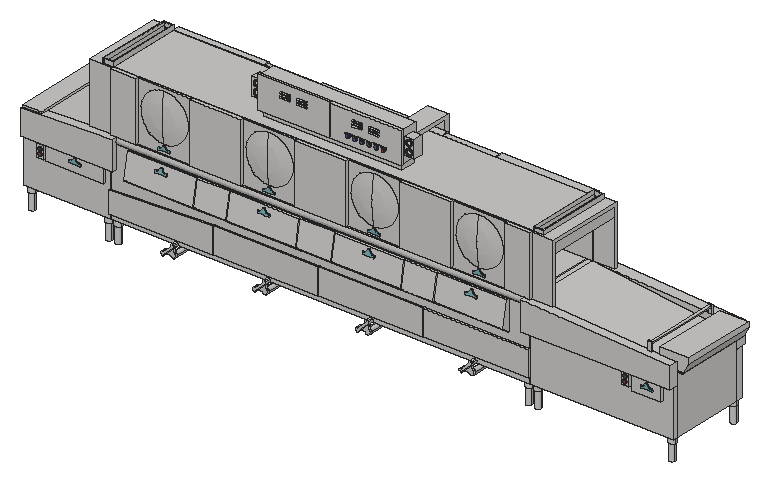
Revit family
Parameters (values of type "480/60/3")
  Weight in Pounds = 0
  Waste Water Discharge Temperature [instance] = -459.67 °F
  Volts = 480 V
  Ventilation Remarks [instance] = ""
  Unload Ventilation Remarks [instance] = ""
  Unload Section Width [instance] = if(Custom Unload Width > 5' 0", Custom Unload Width, 5' 0")  # 5' - 0"
  Unload Removable Cover [instance] = yes
  Unload Exhaust Volume = 1000 CFM
  Unload Exhaust Vent Width = 0' - 4"
  Unload Exhaust Vent Depth = 2' - 7 1/4"
  Unload Exhaust Static Press [instance] = 0.00 in-wg
  Unload Exhaust RI Height [instance] = 0' - 0"
  Unload Exhaust Item Number [instance] = "-"
  Unload End Drain [instance] = no
  URL Cutsheet = ""
  URL = "www.stero.com"
  Swing Doors [instance] = no
  Steam Supply Volume [instance] = 0.00 GPM
  Steam Supply Size = 2"
  Steam Supply RI Height [instance] = 0' - 0"
  Steam Supply Minimum Pressure = 15.00 psi
  Steam Supply Maximum Pressure = 40.00 psi
  Steam Supply Connection Height = 0' - 6"
  Steam Pounds per Hour [instance] = if(Booster Heater, 405, 225)  # 225
  Status [instance] = ""
  Standard Doors [instance] = not(Swing Doors)  # yes
  Specification by User [instance] = ""
  Specification by Manufacturer [instance] = ""
  Serial Number [instance] = ""
  Seismic Rating [instance] = ""
  Revision Code [instance] = ""
  Power Wash Width = 3' - 8"  # constant formula
  Power Wash Door [instance] = if(Swing Doors, 3' 0", 1' 10 1/2")  # 1' - 10 1/2"
  Power Scrapper Width = 3' - 8"  # constant formula
  Power Scrapper Door [instance] = if(Swing Doors, 3' 0", 1' 10 1/2")  # 1' - 10 1/2"
  Power Rinse Door [instance] = if(Swing Doors, 3' 0", 1' 10 1/2")  # 1' - 10 1/2"
  Plumbing Remarks [instance] = ""
  Plumbing Connection Type [instance] = ""
  Phase = 3
  ONOFF Switch [instance] = if([30 inch Load], 0' 0", 0' 6")  # 0' - 6"
  Number of Poles [instance] = 3
  No Booster Heater [instance] = not(Booster Heater)  # yes
  NAFEM Spec ID Number [instance] = ""
  Model = "STPCW-ER 176S"
  Mechanical Remarks [instance] = ""
  Mechanical Connection Type [instance] = ""
  Masterspec [instance] = ""
  Manufacturer = "Stero"
  Load Section Width [instance] = if([30 inch Load], 2' 6 1/8", if([36 inch Load], 3' 0 1/8", if([48 inch Load], 4' 0 1/8", (Custom Load Width + 0' 0 1/8"))))  # 3' - 0 1/8"
  Load End Drain [instance] = not(Unload End Drain)  # yes
  Item Number [instance] = "-"
  Installed By [instance] = ""
  Indirect Waste Size = 2"
  Indirect Waste Flow [instance] = 0.00 GPM
  Indirect Waste Connection Type [instance] = ""
  Indirect Waste Connection Height = 0' - 7"
  Hot Water Temperature = 140 °F
  Hot Water Size = 1"
  Hot Water RI Height [instance] = 0' - 0"
  Hot Water Minimum Pressure = 20.00 psi
  Hot Water Maximum Pressure = 20.00 psi
  Hot Water Flow [instance] = 0.00 GPM
  Hot Water Consumption = 1.63 GPM
  Hot Water Connection Height = 0' - 6"
  HP = "12"
  Furnished By [instance] = ""
  Foodservice Equipment Identifier [instance] = yes
  Final Rinse Width = 3' - 8"  # constant formula
  Final Rinse 2 Width = 3' - 8"  # constant formula
  FL Amps = 21.4 A
  Exhaust Volume = 500 CFM
  Exhaust Vent Width = 0' - 4"
  Exhaust Vent Depth = 2' - 7 1/4"
  Exhaust Static Press [instance] = 0.00 in-wg
  Exhaust RI Height [instance] = 0' - 0"
  Electrical Remarks [instance] = ""
  Electric Connection Type [instance] = ""
  Elec Conn RI Height [instance] = 0' - 0"
  Elec Conn Connection Height = 6' - 6"
  Description = "Flight Type Dishwasher"
  Depth = 3' - 6"
  Cycle = 60 Hz
  Custom Unload Width [instance] = 5' - 0"
  Custom Load Width [instance] = 4' - 6"
  Conn Conduit = yes
  Condensate Return Size = 3/4"
  Condensate Return RI Height [instance] = 0' - 0"
  Condensate Return Connection Height = 0' - 6"
  Cold Water Temperature Recommended [instance] = -459.67 °F
  Cold Water Size [instance] = if(Cold Water Aqua Stat, 0' 0 3/4", 0' 0")  # 0"
  Cold Water RI Height [instance] = 0' - 0"
  Cold Water Minimum Pressure [instance] = 0.00 psi
  Cold Water Maximum Pressure [instance] = 0.00 psi
  Cold Water Flow [instance] = 0.00 GPM
  Cold Water Consumption [instance] = ""
  Cold Water Connection Height [instance] = if(Cold Water Aqua Stat, 0' 6", 0' 0")  # 0' - 0"
  Cold Water Aqua Stat [instance] = no
  CSI MasterFormat = "11 48 13"
  Booster Heater [instance] = no
  Boosted Plumbing Remarks [instance] = ""
  Boosted Hot Water Temperature = 180 °F
  Boosted Hot Water Size = 3/4"
  Boosted Hot Water RI Height [instance] = 0' - 0"
  Boosted Hot Water Minimum Pressure = 20.00 psi
  Boosted Hot Water Maximum Pressure = 20.00 psi
  Boosted Hot Water Flow [instance] = 0.00 GPM
  Boosted Hot Water Consumption = 1.63 GPM
  Boosted Hot Water Connection Height = 0' - 6"
  Boosted HW Item Number [instance] = "-"
  Assembly Code = "E1090320"
  Apparent Power = if(Phase = 3, Volts * FL Amps * 1.73, Volts * FL Amps)  # 17770.6 VA
  48 inch Load [instance] = no
  36 inch Load [instance] = yes
  30 inch Load [instance] = no
Reference planes (in)
  plane 1 "BACK": y = 0
  plane 2: z = 0
  plane 3 "LEFT": x = -21.27862
  plane 4 "RIGHT": x = 154.72138
  plane 5 "FRONT": y = -42
  plane 6 "Right of Power Scrapper": x = 22.72138
  plane 7 "Right of Power Wash": x = 66.72138
  plane 8 "Load Vent": x = -30.27862
  plane 9 "Unload Vent": x = 163.72138
  plane 10 "Top of Machine": z = 65.5
  plane 11 "Table Height": z = 34
  plane 12 "Bottom of Machine": z = 9
  plane 13 "Middle of Machine": z = 40.625
  plane 14 "Left of Bottom": x = -18.77862
  plane 15 "Right of Bottom": x = 152.22138
  plane 16: z = 38.125
  plane 17: z = 37.75
  plane 18: z = 24.5
  plane 19: z = 22.25
  plane 20: z = 11.5
  plane 21 "Back of Main Body": y = -3
  plane 22 "Front of Main Body": y = -39
  plane 23: x = 0.72138
  plane 24: x = 44.72138
  plane 25: x = 110.72138
  plane 26: x = 33.47138
  plane 27: x = 55.97138
  plane 28 "Front of Inside": y = -37.25
  plane 29 "Back of Inside": y = -6
  plane 30: x = -13.27862
  plane 31: x = 15.72138
  plane 32: x = 15.97138
  plane 33: x = 22.59638
  plane 34: x = 22.84638
  plane 35: x = 66.59638
  plane 36: x = 66.84638
  plane 37: z = 60.25
  plane 38: z = 67.25
  plane 39: x = -21.40362
  plane 40: x = -25.40362
  plane 41: x = 158.84638
  plane 42: x = 154.84638
  plane 43: x = -57.40362
  plane 44: x = -59.90362
  plane 45: x = -58.40362
  plane 46: x = -49.40362
  plane 47: z = 28.5
  plane 48: z = 28
  plane 49: z = 22
  plane 50: x = -47.40362
  plane 51: x = -23.40362
  plane 52: x = -48.40362
  plane 53: x = -51.40362
  plane 54: x = 214.72138
  plane 55: x = 215.72138
  plane 56: x = 217.22138
  plane 57: x = 219.72138
  plane 58: x = 207.72138
  plane 59: x = 203.72138
  plane 60: x = 210.22138
  plane 61: x = 198.22138
  plane 62: x = 196.72138
  plane 63: x = 193.72138
  plane 64: y = -32.5
  plane 65: y = -26.5
  plane 66: x = 37.72138
  plane 67: x = 95.72138
  plane 68: z = 68.5
  plane 69: z = 71.375
  plane 70: z = 78.625
  plane 71: z = 81.5
  plane 72: x = 66.72138
  plane 73: x = 66.59638
  plane 74: x = 66.84638
  plane 75: x = 36.72138
  plane 76: x = 96.72138
  plane 77: x = 100.72138
  plane 78: x = 32.72138
  plane 79 "Back of Elec Box": y = -26
  plane 80: y = -33
  plane 81 "Front of Panel": y = -34
  plane 82: z = 68.25
  plane 83: z = 81.25
  plane 84: x = 36.97138
  plane 85 "Right of Control Box": x = 96.47138
  plane 86 "Front of LR Panels": y = -32.25
  plane 87: y = -28.25
  plane 88 "Drain": z = 7
  plane 89 "Left Drain": x = -39.90362
  plane 90 "Right Drain": x = 207.72138
  plane 91 "Drain CL": y = -20.25
  plane 92 "Utilities": z = 6
  plane 93 "Cold Water": x = -31.27862
  plane 94 "Utility to Machine": y = -16.75
  plane 95 "Utilities Point of Connection": y = -8.5
  plane 96 "Building Hot Water": x = 190.72138
  plane 97: x = 33.72138
  plane 98: x = 44.65888
  plane 99: x = 44.78388
  plane 100: x = 55.72138
  plane 101: x = 46.15888
  plane 102: x = 43.28388
  plane 103 "Standard Door Clearance": z = 93.5
  plane 104: x = 178.72138
  plane 105: x = 88.72138
  plane 106: x = 132.72138
  plane 107: x = 77.47138
  plane 108: x = 99.97138
  plane 109: x = 77.72138
  plane 110: x = 88.65888
  plane 111: x = 88.78388
  plane 112: x = 99.72138
  plane 113: x = 90.15888
  plane 114: x = 87.28388
  plane 115: x = 110.59638
  plane 116: x = 110.84638
  plane 117: x = 121.47138
  plane 118: x = 143.97138
  plane 119: x = 121.72138
  plane 120: x = 132.65888
  plane 121: x = 132.78388
  plane 122: x = 143.72138
  plane 123: x = 134.15888
  plane 124: x = 131.28388
  plane 125: x = -10.52862
  plane 126: x = 11.97138
  plane 127: x = -10.27862
  plane 128: x = 0.65888
  plane 129: x = 0.78388
  plane 130: x = 11.72138
  plane 131: x = 2.15888
  plane 132: x = -0.71612
  plane 133: x = 16.47138
  plane 134: x = 38.97138
  plane 135: x = 91.47138
  plane 136: x = 113.97138
  plane 137: x = 29.72138
  plane 138: x = 58.72138
  plane 139: x = 73.72138
  plane 140: x = 102.72138
  plane 141: x = 116.72138
  plane 142: x = 145.72138
  plane 143: x = 29.47138
  plane 144: x = 58.97138
  plane 145: x = 102.97138
  plane 146: x = 73.47138
  plane 147: x = 116.47138
  plane 148: x = 184.72138
Forms (in)
  Extrusion 1, solid, material "QF_Finishes_Stainless Steel"
    sketch origin (0, -39, 0) x (1, 0, 0) y (0, 0, 1)
      loop
        line (-21.27862, 9) -> (154.72138, 9) -> (154.72138, 28.5) -> (152.22138, 28.5) -> (152.22138, 38.125) -> (-18.77862, 38.125) -> (-18.77862, 28.5) -> (-21.27862, 28.5) -> (-21.27862, 9)
    from 0 to -36
  Extrusion 2, solid, material "QF_Finishes_Stainless Steel"
    sketch origin (-18.77862, 0, 0) x (0, 1, 0) y (0, 0, 1)
      loop
        line (-3, 40.625) -> (-39, 40.625)
        arc (-39, 40.625) -> (-39.43875, 39.375) -> (-39, 38.125) r 2
        line (-39, 38.125) -> (-3, 38.125) -> (-3, 40.625)
    from 0 to 171
  Extrusion 3, solid, material "QF_Finishes_Stainless Steel"
    sketch origin (0, 0, 65.5) x (0, 1, 0) y (-1, 0, 0)
      loop
        line (-37.25, 21.27862) -> (-39, 21.27862) -> (-39, 10.52862) -> (-37.25, 10.52862) -> (-37.25, 21.27862)
    from 0 to -24.875
  Extrusion 4, solid, material "QF_Finishes_Stainless Steel"
    sketch origin (0, 0, 65.5) x (0, 1, 0) y (-1, 0, 0)
      loop
        line (-37.25, -11.97138) -> (-39, -11.97138) -> (-39, -33.47138) -> (-37.25, -33.47138) -> (-37.25, -11.97138)
    from 0 to -24.875
  Extrusion 5, solid, material "QF_Finishes_Stainless Steel"
    sketch origin (0, 0, 65.5) x (0, 1, 0) y (-1, 0, 0)
      loop
        line (-37.25, -55.97138) -> (-39, -55.97138) -> (-39, -77.47138) -> (-37.25, -77.47138) -> (-37.25, -55.97138)
    from 0 to -24.875
  Extrusion 6, solid, material "QF_Finishes_Stainless Steel"
    sketch origin (0, 0, 65.5) x (0, 1, 0) y (-1, 0, 0)
      loop
        line (-37.25, -143.97138) -> (-39, -143.97138) -> (-39, -154.72138) -> (-37.25, -154.72138) -> (-37.25, -143.97138)
    from 0 to -24.875
  Extrusion 7, solid, material "QF_Finishes_Stainless Steel"
    sketch origin (0, 0, 65.5) x (0, 1, 0) y (-1, 0, 0)
      loop
        line (-3, 21.27862) -> (-6, 21.27862) -> (-6, -16.47138) -> (-3, -16.47138) -> (-3, 21.27862)
    from 0 to -24.875
  Extrusion 8, solid, material "QF_Finishes_Stainless Steel"
    sketch origin (0, 0, 65.5) x (0, 1, 0) y (-1, 0, 0)
      loop
        line (-3, -113.97138) -> (-6, -113.97138) -> (-6, -154.72138) -> (-3, -154.72138) -> (-3, -113.97138)
    from 0 to -24.875
  Extrusion 9, solid, material "QF_Finishes_Stainless Steel"
    sketch origin (0, 0, 65.5) x (0, 1, 0) y (-1, 0, 0)
      loop
        line (-37.25, -33.47138) -> (-38.25, -33.47138) -> (-38.25, -55.97138) -> (-37.25, -55.97138) -> (-37.25, -33.47138)
    from 0 to -24.875
  Revolve 10, solid, material "QF_Finishes_Stainless Steel", visible <- "Standard Doors"
    sketch origin (44.72138, 87.64484, 48) x (0, 1, 0) y (0, 0, 1)
      loop
        line (-125.89484, 6.49826) -> (-125.89484, 16.49826)
        arc (-125.89484, 16.49826) -> (-126.65727, 11.52451) -> (-126.89484, 6.49826) r 48
        line (-126.89484, 6.49826) -> (-125.89484, 6.49826)
      axis (-125.89484, 6.49826) -> (-126.89484, 6.49826)
    angle from 0 to 360
  Extrusion 11, solid, material "QF_Finishes_Stainless Steel"
    sketch origin (-18.77862, 0, 0) x (0, 1, 0) y (0, 0, 1)
      loop
        line (-39, 37.75) -> (-40, 37.75) -> (-42, 27.5) -> (-39, 25.1875) -> (-39, 37.75)
    from 5.5 to 34.5
  Extrusion 12, solid, material "QF_Finishes_Stainless Steel"
    sketch origin (4.47138, 0, 0) x (0, 1, 0) y (0, 0, 1)
      loop
        line (-39, 37.75) -> (-40, 37.75) -> (-42, 27.5) -> (-39, 25.1875) -> (-39, 37.75)
    from 11.5 to 25
  Extrusion 13, solid, material "QF_Finishes_Stainless Steel"
    sketch origin (9.22138, 0, 0) x (0, 1, 0) y (0, 0, 1)
      loop
        line (-39, 37.75) -> (-40, 37.75) -> (-42, 27.5) -> (-39, 25.1875) -> (-39, 37.75)
    from 20.47828 to 49.5
  Extrusion 14, solid, material "QF_Finishes_Stainless Steel"
    sketch origin (33.47138, 0, 0) x (0, 1, 0) y (0, 0, 1)
      loop
        line (-39, 37.75) -> (-40, 37.75) -> (-42, 27.5) -> (-39, 25.1875) -> (-39, 37.75)
    from 25.5 to 40.0625
  Extrusion 15, solid, material "QF_Finishes_Stainless Steel"
    sketch origin (38.47138, 0, 0) x (0, 1, 0) y (0, 0, 1)
      loop
        line (-39, 37.75) -> (-40, 37.75) -> (-42, 27.5) -> (-39, 25.1875) -> (-39, 37.75)
    from 35.25 to 64.25
  Extrusion 16, solid, material "QF_Finishes_Stainless Steel"
    sketch origin (0, -39, 0) x (1, 0, 0) y (0, 0, 1)
      loop
        line (-21.27862, 11.5) -> (22.59638, 11.5) -> (22.59638, 22.25) -> (-21.27862, 20.375) -> (-21.27862, 11.5)
    from 0 to 1
  Extrusion 17, solid, material "QF_Finishes_Stainless Steel"
    sketch origin (0, -39, 0) x (1, 0, 0) y (0, 0, 1)
      loop
        line (22.84638, 22.25) -> (22.84638, 11.5) -> (66.59638, 11.5) -> (66.59638, 22.25) -> (22.84638, 22.25)
    from 0 to 1
  Extrusion 18, solid, material "QF_Finishes_Stainless Steel"
    sketch origin (0, -39, 0) x (1, 0, 0) y (0, 0, 1)
      loop
        line (66.84638, 22.25) -> (66.84638, 11.5) -> (110.59638, 11.5) -> (110.59638, 22.25) -> (66.84638, 22.25)
    from 0 to 1
  Extrusion 19, solid, material "QF_Finishes_Stainless Steel"
    sketch origin (0, 0, 65.5) x (0, 1, 0) y (-1, 0, 0)
      loop
        line (-6, 21.27862) -> (-37.25, 21.27862) -> (-37.25, -154.72138) -> (-6, -154.72138) -> (-6, 21.27862)
    from 0 to -5.25
  Extrusion 20, solid, material "QF_Finishes_Stainless Steel"
    sketch origin (-21.27862, 0, 0) x (0, 1, 0) y (0, 0, 1)
      loop
        line (-5, 65.5) -> (-38.25, 65.5) -> (-38.25, 40.625) -> (-37.25, 40.625) -> (-37.25, 64.125) -> (-6, 64.125) -> (-6, 40.625) -> (-5, 40.625) -> (-5, 65.5)
    from 0 to -9
  Extrusion 21, solid, material "QF_Finishes_Stainless Steel"
    sketch origin (0, 0, 65.5) x (0, 1, 0) y (-1, 0, 0)
      loop
        line (-6, 25.40362) -> (-37.25, 25.40362) -> (-37.25, 21.40362) -> (-6, 21.40362) -> (-6, 25.40362)
      loop
        line (-5.875, 25.52862) -> (-37.375, 25.52862) -> (-37.375, 21.27862) -> (-5.875, 21.27862) -> (-5.875, 25.52862)
    from 0 to 1.75
  Extrusion 22, solid, material "QF_Finishes_Stainless Steel"
    sketch origin (-30.27862, 0, 0) x (0, 1, 0) y (0, 0, 1)
      loop
        line (-6, 64.125) -> (-37.25, 64.125) -> (-37.25, 60.25) -> (-6, 60.25) -> (-6, 64.125)
    from 0 to 1
  Extrusion 23, void
    sketch origin (0, 0, 65.5) x (0, 1, 0) y (-1, 0, 0)
      loop
        line (-6, 25.40362) -> (-37.25, 25.40362) -> (-37.25, 21.40362) -> (-6, 21.40362) -> (-6, 25.40362)
    from 0 to -1.375
  Extrusion 24, solid, material "QF_Finishes_Stainless Steel"
    sketch origin (154.72138, 0, 0) x (0, 1, 0) y (0, 0, 1)
      loop
        line (-5, 40.625) -> (-5, 65.5) -> (-38.25, 65.5) -> (-38.25, 40.625) -> (-37.25, 40.625) -> (-37.25, 64.125) -> (-6, 64.125) -> (-6, 40.625) -> (-5, 40.625)
    from 0 to 9
  Extrusion 25, solid, material "QF_Finishes_Stainless Steel"
    sketch origin (53.44275, 0, 65.5) x (0, 1, 0) y (-1, 0, 0)
      loop
        line (-6, -105.40362) -> (-6, -101.40362) -> (-37.25, -101.40362) -> (-37.25, -105.40362) -> (-6, -105.40362)
      loop
        line (-5.875, -105.52862) -> (-5.875, -101.27862) -> (-37.375, -101.27862) -> (-37.375, -105.52862) -> (-5.875, -105.52862)
    from 0 to 1.75
  Extrusion 26, solid, material "QF_Finishes_Stainless Steel"
    sketch origin (163.72138, 0, 0) x (0, 1, 0) y (0, 0, 1)
      loop
        line (-6, 64.125) -> (-37.25, 64.125) -> (-37.25, 60.25) -> (-6, 60.25) -> (-6, 64.125)
    from 0 to -1
  Extrusion 27, void
    sketch origin (0, 0, 65.5) x (0, 1, 0) y (-1, 0, 0)
      loop
        line (-37.25, -158.84638) -> (-6, -158.84638) -> (-6, -154.84638) -> (-37.25, -154.84638) -> (-37.25, -158.84638)
    from 0 to -1.375
  Extrusion 28, solid, material "QF_Finishes_Light Blue"
    sketch origin (39.64366, -47.17361, 4.34597) x (-1, 0, 0) y (0, 0.195946, 0.980615)
      loop
        line (-47.97691, 30.65632) -> (-46.34507, 30.57309)
        arc (-46.34507, 30.57309) -> (-46.16488, 30.64773) -> (-46.09025, 30.82792) r 0.25483
        line (-46.09025, 30.82792) -> (-46.09025, 31.31285)
        arc (-46.09025, 31.31285) -> (-46.16389, 31.49062) -> (-46.34166, 31.56426) r 0.25142
        arc (-46.34166, 31.56426) -> (-47.48639, 31.7803) -> (-48.16357, 32.72819) r 1.56264
        arc (-48.16357, 32.72819) -> (-48.57772, 33.06213) -> (-49.00787, 32.74907) r 0.43733
        arc (-49.00787, 32.74907) -> (-49.68095, 31.78611) -> (-50.83469, 31.56426) r 1.56264
        arc (-50.83469, 31.56426) -> (-51.01247, 31.49062) -> (-51.08611, 31.31285) r 0.25142
        line (-51.08611, 31.31285) -> (-51.08611, 30.82792)
        arc (-51.08611, 30.82792) -> (-51.01147, 30.64773) -> (-50.83128, 30.57309) r 0.25483
        line (-50.83128, 30.57309) -> (-49.19944, 30.65632)
        arc (-49.19944, 30.65632) -> (-48.58818, 30.6719) -> (-47.97691, 30.65632) r 12
      loop
        line (-3.96605, 30.65632) -> (-2.33421, 30.57309)
        arc (-2.33421, 30.57309) -> (-2.15402, 30.64773) -> (-2.07939, 30.82792) r 0.25483
        line (-2.07939, 30.82792) -> (-2.07939, 31.31285)
        arc (-2.07939, 31.31285) -> (-2.15302, 31.49062) -> (-2.3308, 31.56426) r 0.25142
        arc (-2.3308, 31.56426) -> (-3.47553, 31.7803) -> (-4.1527, 32.72819) r 1.56264
        arc (-4.1527, 32.72819) -> (-4.56686, 33.06213) -> (-4.997, 32.74907) r 0.43733
        arc (-4.997, 32.74907) -> (-5.67009, 31.78611) -> (-6.82383, 31.56426) r 1.56264
        arc (-6.82383, 31.56426) -> (-7.00161, 31.49062) -> (-7.07524, 31.31285) r 0.25142
        line (-7.07524, 31.31285) -> (-7.07524, 30.82792)
        arc (-7.07524, 30.82792) -> (-7.00061, 30.64773) -> (-6.82042, 30.57309) r 0.25483
        line (-6.82042, 30.57309) -> (-5.18858, 30.65632)
        arc (-5.18858, 30.65632) -> (-4.57732, 30.6719) -> (-3.96605, 30.65632) r 12
      loop
        line (39.0339, 30.65632) -> (40.66574, 30.57309)
        arc (40.66574, 30.57309) -> (40.84592, 30.64773) -> (40.92056, 30.82792) r 0.25483
        line (40.92056, 30.82792) -> (40.92056, 31.31285)
        arc (40.92056, 31.31285) -> (40.84692, 31.49062) -> (40.66915, 31.56426) r 0.25142
        arc (40.66915, 31.56426) -> (39.52442, 31.7803) -> (38.84724, 32.72819) r 1.56264
        arc (38.84724, 32.72819) -> (38.43309, 33.06213) -> (38.00294, 32.74907) r 0.43733
        arc (38.00294, 32.74907) -> (37.32986, 31.78611) -> (36.17612, 31.56426) r 1.56264
        arc (36.17612, 31.56426) -> (35.99834, 31.49062) -> (35.9247, 31.31285) r 0.25142
        line (35.9247, 31.31285) -> (35.9247, 30.82792)
        arc (35.9247, 30.82792) -> (35.99934, 30.64773) -> (36.17953, 30.57309) r 0.25483
        line (36.17953, 30.57309) -> (37.81137, 30.65632)
        arc (37.81137, 30.65632) -> (38.42263, 30.6719) -> (39.0339, 30.65632) r 12
      loop
        line (-90.97691, 30.65632) -> (-89.34507, 30.57309)
        arc (-89.34507, 30.57309) -> (-89.16488, 30.64773) -> (-89.09025, 30.82792) r 0.25483
        line (-89.09025, 30.82792) -> (-89.09025, 31.31285)
        arc (-89.09025, 31.31285) -> (-89.16389, 31.49062) -> (-89.34166, 31.56426) r 0.25142
        arc (-89.34166, 31.56426) -> (-90.48639, 31.7803) -> (-91.16357, 32.72819) r 1.56264
        arc (-91.16357, 32.72819) -> (-91.57772, 33.06213) -> (-92.00787, 32.74907) r 0.43733
        arc (-92.00787, 32.74907) -> (-92.68095, 31.78611) -> (-93.83469, 31.56426) r 1.56264
        arc (-93.83469, 31.56426) -> (-94.01247, 31.49062) -> (-94.08611, 31.31285) r 0.25142
        line (-94.08611, 31.31285) -> (-94.08611, 30.82792)
        arc (-94.08611, 30.82792) -> (-94.01147, 30.64773) -> (-93.83128, 30.57309) r 0.25483
        line (-93.83128, 30.57309) -> (-92.19944, 30.65632)
        arc (-92.19944, 30.65632) -> (-91.58818, 30.6719) -> (-90.97691, 30.65632) r 12
    from 0.5 to 0.4375
  Extrusion 29, solid, material "QF_Finishes_Stainless Steel", not visible
    sketch origin (-17.77862, 0, 0) x (0, 1, 0) y (0, 0, 1)
      loop
        line (-39, 37.75) -> (-40, 37.75) -> (-42, 27.5) -> (-39, 25.1875) -> (-39, 37.75)
    from 5.5 to 34.5
  Extrusion 30, solid, material "QF_Finishes_Stainless Steel", not visible
    sketch origin (5.47138, 0, 0) x (0, 1, 0) y (0, 0, 1)
      loop
        line (-39, 37.75) -> (-40, 37.75) -> (-42, 27.5) -> (-39, 25.1875) -> (-39, 37.75)
    from 11.5 to 25
  Extrusion 31, solid, material "QF_Finishes_Stainless Steel", not visible
    sketch origin (10.22138, 0, 0) x (0, 1, 0) y (0, 0, 1)
      loop
        line (-39, 37.75) -> (-40, 37.75) -> (-42, 27.5) -> (-39, 25.1875) -> (-39, 37.75)
    from 20.47828 to 49.5
  Extrusion 32, solid, material "QF_Finishes_Stainless Steel", not visible
    sketch origin (34.47138, 0, 0) x (0, 1, 0) y (0, 0, 1)
      loop
        line (-39, 37.75) -> (-40, 37.75) -> (-42, 27.5) -> (-39, 25.1875) -> (-39, 37.75)
    from 25.5 to 40.0625
  Extrusion 33, solid, material "QF_Finishes_Stainless Steel", not visible
    sketch origin (39.47138, 0, 0) x (0, 1, 0) y (0, 0, 1)
      loop
        line (-39, 37.75) -> (-40, 37.75) -> (-42, 27.5) -> (-39, 25.1875) -> (-39, 37.75)
    from 35.25 to 64.25
  Extrusion 34, solid, material "QF_Finishes_Light Blue", not visible
    sketch origin (40.64366, -47.17361, 4.34597) x (-1, 0, 0) y (0, 0.195946, 0.980615)
      loop
        line (-47.97691, 30.65632) -> (-46.34507, 30.57309)
        arc (-46.34507, 30.57309) -> (-46.16488, 30.64773) -> (-46.09025, 30.82792) r 0.25483
        line (-46.09025, 30.82792) -> (-46.09025, 31.31285)
        arc (-46.09025, 31.31285) -> (-46.16389, 31.49062) -> (-46.34166, 31.56426) r 0.25142
        arc (-46.34166, 31.56426) -> (-47.48639, 31.7803) -> (-48.16357, 32.72819) r 1.56264
        arc (-48.16357, 32.72819) -> (-48.57772, 33.06213) -> (-49.00787, 32.74907) r 0.43733
        arc (-49.00787, 32.74907) -> (-49.68095, 31.78611) -> (-50.83469, 31.56426) r 1.56264
        arc (-50.83469, 31.56426) -> (-51.01247, 31.49062) -> (-51.08611, 31.31285) r 0.25142
        line (-51.08611, 31.31285) -> (-51.08611, 30.82792)
        arc (-51.08611, 30.82792) -> (-51.01147, 30.64773) -> (-50.83128, 30.57309) r 0.25483
        line (-50.83128, 30.57309) -> (-49.19944, 30.65632)
        arc (-49.19944, 30.65632) -> (-48.58818, 30.6719) -> (-47.97691, 30.65632) r 12
      loop
        line (-3.96605, 30.65632) -> (-2.33421, 30.57309)
        arc (-2.33421, 30.57309) -> (-2.15402, 30.64773) -> (-2.07939, 30.82792) r 0.25483
        line (-2.07939, 30.82792) -> (-2.07939, 31.31285)
        arc (-2.07939, 31.31285) -> (-2.15302, 31.49062) -> (-2.3308, 31.56426) r 0.25142
        arc (-2.3308, 31.56426) -> (-3.47553, 31.7803) -> (-4.1527, 32.72819) r 1.56264
        arc (-4.1527, 32.72819) -> (-4.56686, 33.06213) -> (-4.997, 32.74907) r 0.43733
        arc (-4.997, 32.74907) -> (-5.67009, 31.78611) -> (-6.82383, 31.56426) r 1.56264
        arc (-6.82383, 31.56426) -> (-7.00161, 31.49062) -> (-7.07524, 31.31285) r 0.25142
        line (-7.07524, 31.31285) -> (-7.07524, 30.82792)
        arc (-7.07524, 30.82792) -> (-7.00061, 30.64773) -> (-6.82042, 30.57309) r 0.25483
        line (-6.82042, 30.57309) -> (-5.18858, 30.65632)
        arc (-5.18858, 30.65632) -> (-4.57732, 30.6719) -> (-3.96605, 30.65632) r 12
      loop
        line (39.0339, 30.65632) -> (40.66574, 30.57309)
        arc (40.66574, 30.57309) -> (40.84592, 30.64773) -> (40.92056, 30.82792) r 0.25483
        line (40.92056, 30.82792) -> (40.92056, 31.31285)
        arc (40.92056, 31.31285) -> (40.84692, 31.49062) -> (40.66915, 31.56426) r 0.25142
        arc (40.66915, 31.56426) -> (39.52442, 31.7803) -> (38.84724, 32.72819) r 1.56264
        arc (38.84724, 32.72819) -> (38.43309, 33.06213) -> (38.00294, 32.74907) r 0.43733
        arc (38.00294, 32.74907) -> (37.32986, 31.78611) -> (36.17612, 31.56426) r 1.56264
        arc (36.17612, 31.56426) -> (35.99834, 31.49062) -> (35.9247, 31.31285) r 0.25142
        line (35.9247, 31.31285) -> (35.9247, 30.82792)
        arc (35.9247, 30.82792) -> (35.99934, 30.64773) -> (36.17953, 30.57309) r 0.25483
        line (36.17953, 30.57309) -> (37.81137, 30.65632)
        arc (37.81137, 30.65632) -> (38.42263, 30.6719) -> (39.0339, 30.65632) r 12
      loop
        line (-90.97691, 30.65632) -> (-89.34507, 30.57309)
        arc (-89.34507, 30.57309) -> (-89.16488, 30.64773) -> (-89.09025, 30.82792) r 0.25483
        line (-89.09025, 30.82792) -> (-89.09025, 31.31285)
        arc (-89.09025, 31.31285) -> (-89.16389, 31.49062) -> (-89.34166, 31.56426) r 0.25142
        arc (-89.34166, 31.56426) -> (-90.48639, 31.7803) -> (-91.16357, 32.72819) r 1.56264
        arc (-91.16357, 32.72819) -> (-91.57772, 33.06213) -> (-92.00787, 32.74907) r 0.43733
        arc (-92.00787, 32.74907) -> (-92.68095, 31.78611) -> (-93.83469, 31.56426) r 1.56264
        arc (-93.83469, 31.56426) -> (-94.01247, 31.49062) -> (-94.08611, 31.31285) r 0.25142
        line (-94.08611, 31.31285) -> (-94.08611, 30.82792)
        arc (-94.08611, 30.82792) -> (-94.01147, 30.64773) -> (-93.83128, 30.57309) r 0.25483
        line (-93.83128, 30.57309) -> (-92.19944, 30.65632)
        arc (-92.19944, 30.65632) -> (-91.58818, 30.6719) -> (-90.97691, 30.65632) r 12
    from 0.5 to 0.4375
  Extrusion 35, solid, material "QF_Finishes_Stainless Steel"
    sketch origin (0, -37.25, 0) x (1, 0, 0) y (0, 0, 1)
      loop
        line (-57.40362, 28.5) -> (-18.77862, 28.5) -> (-18.77862, 40.625) -> (-57.40362, 38.75) -> (-57.40362, 28.5)
    from 0 to 3.75
  Extrusion 36, solid, material "QF_Finishes_Stainless Steel"
    sketch origin (0, -6, 0) x (1, 0, 0) y (0, 0, 1)
      loop
        line (-57.40362, 28.5) -> (-18.77862, 28.5) -> (-18.77862, 40.625) -> (-57.40362, 38.75) -> (-57.40362, 28.5)
    from 0 to -4.5
  Extrusion 37, solid, material "QF_Finishes_Stainless Steel"
    sketch origin (0, -6, 0) x (1, 0, 0) y (0, 0, 1)
      loop
        line (-57.40362, 34) -> (-59.90362, 34) -> (-59.90362, 33.875) -> (-57.40362, 33.875) -> (-57.40362, 34)
    from 0 to 31.25
  Extrusion 38, solid, material "QF_Finishes_Stainless Steel"
    sketch origin (0, -6, 0) x (1, 0, 0) y (0, 0, 1)
      loop
        line (-57.40362, 33.875) -> (-58.40362, 33.875) -> (-58.40362, 32.5) -> (-57.40362, 32.5) -> (-57.40362, 33.875)
    from 3.5 to 29.25
  Extrusion 39, solid, material "QF_Finishes_Stainless Steel"
    sketch origin (0, -6, 0) x (1, 0, 0) y (0, 0, 1)
      loop
        line (-57.40362, 32) -> (-58.40362, 32) -> (-58.40362, 28) -> (-57.40362, 28) -> (-57.40362, 32)
    from 3.5 to 29.25
  Extrusion 40, solid, material "QF_Finishes_Stainless Steel"
    sketch origin (0, -6, 0) x (1, 0, 0) y (0, 0, 1)
      loop
        line (-18.77862, 40.625) -> (-21.27862, 40.625) -> (-57.40362, 34) -> (-57.40362, 9) -> (-21.27862, 9) -> (-21.27862, 28.5) -> (-18.77862, 28.5) -> (-18.77862, 40.625)
    from 0 to 31.25
  Extrusion 41, solid, material "QF_Finishes_Stainless Steel"
    sketch origin (0, -6, 0) x (1, 0, 0) y (0, 0, 1)
      loop
        line (-57.40362, 38.75) -> (-49.40362, 39.13835) -> (-49.40362, 39.88923) -> (-57.40362, 39.50088) -> (-57.40362, 38.75)
    from -2.625 to 33.875
  Extrusion 42, solid, material "QF_Finishes_Stainless Steel"
    sketch origin (0, -37.25, 0) x (1, 0, 0) y (0, 0, 1)
      loop
        line (-57.40362, 9) -> (-21.27862, 9) -> (-21.27862, 28.5) -> (-57.40362, 28.5) -> (-57.40362, 9)
    from 0 to 1.75
  Extrusion 43, solid, material "QF_Finishes_Stainless Steel"
    sketch origin (0, -6, 0) x (1, 0, 0) y (0, 0, 1)
      loop
        line (-57.40362, 28.5) -> (-57.40362, 9) -> (-21.27862, 9) -> (-21.27862, 28.5) -> (-57.40362, 28.5)
    from 0 to -3
  Extrusion 44, solid, material "QF_Finishes_Stainless Steel"
    sketch origin (0, -37.25, 0) x (1, 0, 0) y (0, 0, 1)
      loop
        line (-47.40362, 28) -> (-47.40362, 22) -> (-23.40362, 22) -> (-23.40362, 28) -> (-47.40362, 28)
    from 1.75 to 2.75
  Extrusion 45, solid, material "QF_Finishes_Light Blue"
    sketch origin (-63.60634, -40.5, -5.56213) x (-1, 0, 0) y (0, 0, 1)
      loop
        line (-27.5911, 30.65632) -> (-25.95926, 30.57309)
        arc (-25.95926, 30.57309) -> (-25.77908, 30.64773) -> (-25.70444, 30.82792) r 0.25483
        line (-25.70444, 30.82792) -> (-25.70444, 31.31285)
        arc (-25.70444, 31.31285) -> (-25.77808, 31.49062) -> (-25.95585, 31.56426) r 0.25142
        arc (-25.95585, 31.56426) -> (-27.10058, 31.7803) -> (-27.77776, 32.72819) r 1.56264
        arc (-27.77776, 32.72819) -> (-28.19191, 33.06213) -> (-28.62206, 32.74907) r 0.43733
        arc (-28.62206, 32.74907) -> (-29.29514, 31.78611) -> (-30.44888, 31.56426) r 1.56264
        arc (-30.44888, 31.56426) -> (-30.62666, 31.49062) -> (-30.7003, 31.31285) r 0.25142
        line (-30.7003, 31.31285) -> (-30.7003, 30.82792)
        arc (-30.7003, 30.82792) -> (-30.62566, 30.64773) -> (-30.44547, 30.57309) r 0.25483
        line (-30.44547, 30.57309) -> (-28.81363, 30.65632)
        arc (-28.81363, 30.65632) -> (-28.20237, 30.6719) -> (-27.5911, 30.65632) r 12
    from 0.5 to 0.4375
  Extrusion 46, solid, material "QF_Finishes_Stainless Steel"
    sketch origin (0, -37.25, 0) x (1, 0, 0) y (0, 0, 1)
      loop
        line (-48.40362, 22.25) -> (-48.40362, 27.25) -> (-51.40362, 27.25) -> (-51.40362, 22.25) -> (-48.40362, 22.25)
    from 1.75 to 2.75
  Extrusion 47, solid, material "QF_Finishes_Black"
    sketch origin (0, -37.25, 0) x (1, 0, 0) y (0, 0, 1)
      loop
        circle (-49.90362, 25.75) r 0.75
    from 2.75 to 2.8125
  Extrusion 48, solid, material "QF_Finishes_LED Red"
    sketch origin (0, -37.25, -2) x (1, 0, 0) y (0, 0, 1)
      loop
        circle (-49.90362, 25.75) r 0.75
    from 2.75 to 2.8125
  Extrusion 49, solid, material "QF_Finishes_Stainless Steel"
    sketch origin (101.31775, -37.25, 0) x (-1, 0, 0) y (0, 0, -1)
      loop
        line (-113.40362, -28.5) -> (-113.40362, -37.5) -> (-50.90362, -40.625) -> (-50.90362, -28.5) -> (-113.40362, -28.5)
    from 0 to 3.75
  Extrusion 50, solid, material "QF_Finishes_Stainless Steel"
    sketch origin (101.31775, -6, 0) x (-1, 0, 0) y (0, 0, -1)
      loop
        line (-113.40362, -28.5) -> (-113.40362, -37.5) -> (-50.90362, -40.625) -> (-50.90362, -28.5) -> (-113.40362, -28.5)
    from 0 to -4.5
  Extrusion 51, solid, material "QF_Finishes_Stainless Steel"
    sketch origin (101.31775, -6, 0) x (-1, 0, 0) y (0, 0, -1)
      loop
        line (-113.40362, -34) -> (-113.40362, -33.875) -> (-115.90362, -33.875) -> (-115.90362, -34) -> (-113.40362, -34)
    from 0 to 31.25
  Extrusion 52, solid, material "QF_Finishes_Stainless Steel"
    sketch origin (101.31775, -6, 0) x (-1, 0, 0) y (0, 0, -1)
      loop
        line (-113.40362, -33.875) -> (-113.40362, -32.5) -> (-114.40362, -32.5) -> (-114.40362, -33.875) -> (-113.40362, -33.875)
    from 3.5 to 29.25
  Extrusion 53, solid, material "QF_Finishes_Stainless Steel"
    sketch origin (101.31775, -6, 0) x (-1, 0, 0) y (0, 0, -1)
      loop
        line (-50.90362, -40.625) -> (-50.90362, -28.5) -> (-53.40362, -28.5) -> (-53.40362, -9) -> (-113.40362, -9) -> (-113.40362, -34) -> (-53.40362, -40.625) -> (-50.90362, -40.625)
    from 0 to 31.25
  Extrusion 54, solid, material "QF_Finishes_Stainless Steel"
    sketch origin (101.31775, -37.25, 0) x (-1, 0, 0) y (0, 0, -1)
      loop
        line (-113.40362, -9) -> (-113.40362, -28.5) -> (-53.40362, -28.5) -> (-53.40362, -9) -> (-113.40362, -9)
    from 0 to 1.75
  Extrusion 55, solid, material "QF_Finishes_Stainless Steel"
    sketch origin (101.31775, -6, 0) x (-1, 0, 0) y (0, 0, -1)
      loop
        line (-113.40362, -28.5) -> (-53.40362, -28.5) -> (-53.40362, -9) -> (-113.40362, -9) -> (-113.40362, -28.5)
    from 0 to -3
  Extrusion 56, solid, material "QF_Finishes_Stainless Steel", visible <- "Unload Removable Cover"
    sketch origin (0, -6, 0) x (1, 0, 0) y (0, 0, 1)
      loop
        line (219.72138, 40.625) -> (207.72138, 40.625) -> (207.72138, 34.5) -> (217.72138, 34.5) -> (219.72138, 38.125) -> (219.72138, 40.625)
    from 0 to 31.25
  Extrusion 57, solid, material "QF_Finishes_Stainless Steel"
    sketch origin (0, -6, 0) x (1, 0, 0) y (0, 0, 1)
      loop
        line (204.47138, 41.5) -> (202.97138, 41.5) -> (202.97138, 38.0875) -> (204.47138, 38.0125) -> (204.47138, 41.5)
    from 0 to -0.5
  Extrusion 58, solid, material "QF_Finishes_Stainless Steel"
    sketch origin (0, -37.25, 0) x (1, 0, 0) y (0, 0, 1)
      loop
        line (202.97138, 41.5) -> (202.97138, 38.0875) -> (204.47138, 38.0125) -> (204.47138, 41.5) -> (202.97138, 41.5)
    from 0 to 0.5
  Extrusion 59, solid, material "QF_Finishes_Stainless Steel"
    sketch origin (0, -6, 0) x (1, 0, 0) y (0, 0, 1)
      loop
        circle (203.72138, 40.75) r 0.5
    from 0 to 31.25
  Extrusion 60, solid, material "QF_Finishes_Stainless Steel"
    sketch origin (0, -37.25, 0) x (1, 0, 0) y (0, 0, 1)
      loop
        line (198.22138, 28) -> (198.22138, 22) -> (210.22138, 22) -> (210.22138, 28) -> (198.22138, 28)
    from 1.75 to 2.75
  Extrusion 61, solid, material "QF_Finishes_Light Blue"
    sketch origin (120.01866, -40.5, -6.06213) x (-1, 0, 0) y (0, 0, 1)
      loop
        line (-83.5911, 30.65632) -> (-81.95926, 30.57309)
        arc (-81.95926, 30.57309) -> (-81.77908, 30.64773) -> (-81.70444, 30.82792) r 0.25483
        line (-81.70444, 30.82792) -> (-81.70444, 31.31285)
        arc (-81.70444, 31.31285) -> (-81.77808, 31.49062) -> (-81.95585, 31.56426) r 0.25142
        arc (-81.95585, 31.56426) -> (-83.10058, 31.7803) -> (-83.77776, 32.72819) r 1.56264
        arc (-83.77776, 32.72819) -> (-84.19191, 33.06213) -> (-84.62206, 32.74907) r 0.43733
        arc (-84.62206, 32.74907) -> (-85.29514, 31.78611) -> (-86.44888, 31.56426) r 1.56264
        arc (-86.44888, 31.56426) -> (-86.62666, 31.49062) -> (-86.7003, 31.31285) r 0.25142
        line (-86.7003, 31.31285) -> (-86.7003, 30.82792)
        arc (-86.7003, 30.82792) -> (-86.62566, 30.64773) -> (-86.44547, 30.57309) r 0.25483
        line (-86.44547, 30.57309) -> (-84.81363, 30.65632)
        arc (-84.81363, 30.65632) -> (-84.20237, 30.6719) -> (-83.5911, 30.65632) r 12
    from 0.5 to 0.4375
  Extrusion 62, solid, material "QF_Finishes_Stainless Steel"
    sketch origin (189.125, -37.25, 0.75) x (1, 0, 0) y (0, 0, 1)
      loop
        line (7.59638, 22.25) -> (7.59638, 27.25) -> (4.59638, 27.25) -> (4.59638, 22.25) -> (7.59638, 22.25)
    from 1.75 to 2.75
  Extrusion 63, solid, material "QF_Finishes_Black"
    sketch origin (189.125, -37.25, 0.75) x (1, 0, 0) y (0, 0, 1)
      loop
        circle (6.09638, 25.75) r 0.75
    from 2.75 to 2.8125
  Extrusion 64, solid, material "QF_Finishes_LED Red"
    sketch origin (189.125, -37.25, -1.25) x (1, 0, 0) y (0, 0, 1)
      loop
        circle (6.09638, 25.75) r 0.75
    from 2.75 to 2.8125
  Extrusion 65, solid, material "QF_Finishes_Stainless Steel"
    sketch origin (0, 0, 0) x (1, 0, 0) y (0, 1, 0)
      loop
        circle (-55.46612, -4.9375) r 1.1875
    from 0 to 6.75
  Extrusion 66, solid, material "QF_Finishes_Stainless Steel"
    sketch origin (0, 0, 0) x (1, 0, 0) y (0, 1, 0)
      loop
        circle (-55.46612, -4.9375) r 1.4375
    from 6.75 to 9
  Extrusion 67, solid, material "QF_Finishes_Stainless Steel"
    sketch origin (0, -30.25, 0) x (1, 0, 0) y (0, 1, 0)
      loop
        circle (-55.46612, -6.8125) r 1.1875
    from 0 to 6.75
  Extrusion 68, solid, material "QF_Finishes_Stainless Steel"
    sketch origin (0, -30.25, 0) x (1, 0, 0) y (0, 1, 0)
      loop
        circle (-55.46612, -6.8125) r 1.4375
    from 6.75 to 9
  Extrusion 69, solid, material "QF_Finishes_Stainless Steel"
    sketch origin (31.25, 0, 0) x (1, 0, 0) y (0, 1, 0)
      loop
        circle (-54.46612, -4.9375) r 1.1875
    from 0 to 6.75
  Extrusion 70, solid, material "QF_Finishes_Stainless Steel"
    sketch origin (31.25, 0, 0) x (1, 0, 0) y (0, 1, 0)
      loop
        circle (-54.46612, -4.9375) r 1.4375
    from 6.75 to 9
  Extrusion 71, solid, material "QF_Finishes_Stainless Steel"
    sketch origin (31.25, -30.25, 0) x (1, 0, 0) y (0, 1, 0)
      loop
        circle (-54.46612, -6.8125) r 1.1875
    from 0 to 6.75
  Extrusion 72, solid, material "QF_Finishes_Stainless Steel"
    sketch origin (31.25, -30.25, 0) x (1, 0, 0) y (0, 1, 0)
      loop
        circle (-54.46612, -6.8125) r 1.4375
    from 6.75 to 9
  Extrusion 73, solid, material "QF_Finishes_Stainless Steel"
    sketch origin (-73.80725, 0, 0) x (-1, 0, 0) y (0, -1, 0)
      loop
        circle (-54.46612, 4.9375) r 1.1875
    from 0 to 6.75
  Extrusion 74, solid, material "QF_Finishes_Stainless Steel"
    sketch origin (-73.80725, 0, 0) x (-1, 0, 0) y (0, -1, 0)
      loop
        circle (-54.46612, 4.9375) r 1.4375
    from 6.75 to 9
  Extrusion 75, solid, material "QF_Finishes_Stainless Steel"
    sketch origin (-73.80725, -30.25, 0) x (-1, 0, 0) y (0, -1, 0)
      loop
        circle (-54.46612, 6.8125) r 1.1875
    from 0 to 6.75
  Extrusion 76, solid, material "QF_Finishes_Stainless Steel"
    sketch origin (-73.80725, -30.25, 0) x (-1, 0, 0) y (0, -1, 0)
      loop
        circle (-54.46612, 6.8125) r 1.4375
    from 6.75 to 9
  Extrusion 77, solid, material "QF_Finishes_Stainless Steel"
    sketch origin (151.25, 0, 0) x (1, 0, 0) y (0, 1, 0)
      loop
        circle (1.53388, -4.9375) r 1.1875
    from 0 to 6.75
  Extrusion 78, solid, material "QF_Finishes_Stainless Steel"
    sketch origin (151.25, 0, 0) x (1, 0, 0) y (0, 1, 0)
      loop
        circle (1.53388, -4.9375) r 1.4375
    from 6.75 to 9
  Extrusion 79, solid, material "QF_Finishes_Stainless Steel"
    sketch origin (151.25, -30.25, 0) x (1, 0, 0) y (0, 1, 0)
      loop
        circle (1.53388, -6.8125) r 1.1875
    from 0 to 6.75
  Extrusion 80, solid, material "QF_Finishes_Stainless Steel"
    sketch origin (151.25, -30.25, 0) x (1, 0, 0) y (0, 1, 0)
      loop
        circle (1.53388, -6.8125) r 1.4375
    from 6.75 to 9
  Extrusion 81, solid, material "QF_Finishes_Stainless Steel"
    sketch origin (46.19275, 0, 0) x (-1, 0, 0) y (0, -1, 0)
      loop
        circle (-110.46612, 4.9375) r 1.1875
    from 0 to 6.75
  Extrusion 82, solid, material "QF_Finishes_Stainless Steel"
    sketch origin (46.19275, 0, 0) x (-1, 0, 0) y (0, -1, 0)
      loop
        circle (-110.46612, 4.9375) r 1.4375
    from 6.75 to 9
  Extrusion 83, solid, material "QF_Finishes_Stainless Steel"
    sketch origin (46.19275, -30.25, 0) x (-1, 0, 0) y (0, -1, 0)
      loop
        circle (-110.46612, 6.8125) r 1.1875
    from 0 to 6.75
  Extrusion 84, solid, material "QF_Finishes_Stainless Steel"
    sketch origin (46.19275, -30.25, 0) x (-1, 0, 0) y (0, -1, 0)
      loop
        circle (-110.46612, 6.8125) r 1.4375
    from 6.75 to 9
  Extrusion 85, solid, material "QF_Finishes_Stainless Steel"
    sketch origin (211.25, 0, 0) x (1, 0, 0) y (0, 1, 0)
      loop
        circle (1.53388, -4.9375) r 1.1875
    from 0 to 6.75
  Extrusion 86, solid, material "QF_Finishes_Stainless Steel"
    sketch origin (211.25, 0, 0) x (1, 0, 0) y (0, 1, 0)
      loop
        circle (1.53388, -4.9375) r 1.4375
    from 6.75 to 9
  Extrusion 87, solid, material "QF_Finishes_Stainless Steel"
    sketch origin (211.25, -30.25, 0) x (1, 0, 0) y (0, 1, 0)
      loop
        circle (1.53388, -6.8125) r 1.1875
    from 0 to 6.75
  Extrusion 88, solid, material "QF_Finishes_Stainless Steel"
    sketch origin (211.25, -30.25, 0) x (1, 0, 0) y (0, 1, 0)
      loop
        circle (1.53388, -6.8125) r 1.4375
    from 6.75 to 9
  Extrusion 89, solid, material "QF_Finishes_Stainless Steel"
    sketch origin (28, 0, 65.5) x (0, 1, 0) y (-1, 0, 0)
      loop
        line (-26.5, -9.72138) -> (-32.5, -9.72138) -> (-32.5, -67.72138) -> (-26.5, -67.72138) -> (-26.5, -9.72138)
    from 0 to 3
  Extrusion 90, solid, material "QF_Finishes_Stainless Steel"
    sketch origin (28, 0, 65.5) x (0, 1, 0) y (-1, 0, 0)
      loop
        line (-26, -8.97138) -> (-33, -8.97138) -> (-33, -68.47138) -> (-26, -68.47138) -> (-26, -8.97138)
    from 3 to 15.75
  Extrusion 91, solid, material "QF_Finishes_Stainless Steel"
    sketch origin (28, 0, 65.5) x (0, 1, 0) y (-1, 0, 0)
      loop
        line (-33, -8.72138) -> (-34, -8.72138) -> (-34, -38.59638) -> (-33, -38.59638) -> (-33, -8.72138)
    from 2.75 to 16
  Extrusion 92, solid, material "QF_Finishes_Stainless Steel"
    sketch origin (28, 0, 65.5) x (0, 1, 0) y (-1, 0, 0)
      loop
        line (-33, -38.84638) -> (-34, -38.84638) -> (-34, -68.72138) -> (-33, -68.72138) -> (-33, -38.84638)
    from 2.75 to 16
  Extrusion 93, solid, material "QF_Finishes_Stainless Steel"
    sketch origin (28, 0, 65.5) x (0, 1, 0) y (-1, 0, 0)
      loop
        line (-28.25, -4.72138) -> (-32.25, -4.72138) -> (-32.25, -8.97138) -> (-28.25, -8.97138) -> (-28.25, -4.72138)
    from 5.875 to 13.125
  Extrusion 94, solid, material "QF_Finishes_Stainless Steel"
    sketch origin (28, 0, 65.5) x (0, 1, 0) y (-1, 0, 0)
      loop
        line (-28.25, -68.47138) -> (-32.25, -68.47138) -> (-32.25, -72.72138) -> (-28.25, -72.72138) -> (-28.25, -68.47138)
    from 5.875 to 13.125
  Extrusion 95, solid, material "QF_Finishes_Black"
    sketch origin (28, -32.25, 0) x (1, 0, 0) y (0, 0, 1)
      loop
        circle (6.84638, 76.75) r 1.25
      loop
        circle (6.84638, 76.75) r 1
    from 0 to 0.25
  Extrusion 96, solid, material "QF_Finishes_White"
    sketch origin (28, -32.25, 0) x (1, 0, 0) y (0, 0, 1)
      loop
        circle (6.84638, 76.75) r 1
    from 0 to 0.0625
  Extrusion 97, solid, material "QF_Finishes_Black"
    sketch origin (61.66291, -34, -18.39967) x (1, 0, 0) y (0, 0, 1)
      loop
        line (19.62096, 91.02467) -> (17.62096, 91.02467) -> (17.62096, 90.77467) -> (19.62096, 90.77467) -> (19.62096, 91.02467)
      loop
        line (16.62096, 91.02467) -> (14.62096, 91.02467) -> (14.62096, 90.77467) -> (16.62096, 90.77467) -> (16.62096, 91.02467)
      loop
        line (20.62096, 91.02467) -> (20.62096, 90.77467) -> (22.62096, 90.77467) -> (22.62096, 91.02467) -> (20.62096, 91.02467)
      loop
        line (23.62096, 91.02467) -> (23.62096, 90.77467) -> (25.62096, 90.77467) -> (25.62096, 91.02467) -> (23.62096, 91.02467)
      loop
        line (13.62096, 91.02467) -> (11.62096, 91.02467) -> (11.62096, 90.77467) -> (13.62096, 90.77467) -> (13.62096, 91.02467)
      loop
        line (26.62096, 91.02467) -> (26.62096, 90.77467) -> (28.62096, 90.77467) -> (28.62096, 91.02467) -> (26.62096, 91.02467)
    from 0 to 0.25
  Extrusion 98, solid, material "QF_Finishes_Navy Blue"
    sketch origin (62.03783, -34, -18.39967) x (1, 0, 0) y (0, 0, 1)
      loop
        circle (15.24605, 89.89967) r 0.625
    from 0.125 to 0.375
  Extrusion 99, solid, material "QF_Finishes_Navy Blue"
    sketch origin (62.03783, -34, -18.39967) x (1, 0, 0) y (0, 0, 1)
      loop
        circle (18.24605, 89.89967) r 0.625
    from 0.125 to 0.375
  Extrusion 100, solid, material "QF_Finishes_LED Green"
    sketch origin (62.03783, -34, -18.39967) x (1, 0, 0) y (0, 0, 1)
      loop
        circle (21.24605, 89.89967) r 0.625
    from 0.125 to 0.375
  Extrusion 101, solid, material "QF_Finishes_Navy Blue"
    sketch origin (62.03783, -34, -18.39967) x (1, 0, 0) y (0, 0, 1)
      loop
        circle (24.24605, 89.89967) r 0.625
    from 0.125 to 0.375
  Extrusion 102, solid, material "QF_Finishes_Black"
    sketch origin (62.03783, -34, -18.39967) x (1, 0, 0) y (0, 0, 1)
      loop
        line (15.99605, 89.89967) -> (15.99605, 90.77467) -> (14.49605, 90.77467) -> (14.49605, 89.89967)
        arc (14.49605, 89.89967) -> (15.24605, 89.14967) -> (15.99605, 89.89967) r 0.75
      loop
        line (18.99605, 89.89967) -> (18.99605, 90.77467) -> (17.49605, 90.77467) -> (17.49605, 89.89967)
        arc (17.49605, 89.89967) -> (18.24605, 89.14967) -> (18.99605, 89.89967) r 0.75
      loop
        line (21.99605, 89.89967) -> (21.99605, 90.77467) -> (20.49605, 90.77467) -> (20.49605, 89.89967)
        arc (20.49605, 89.89967) -> (21.24605, 89.14967) -> (21.99605, 89.89967) r 0.75
      loop
        line (24.99605, 89.89967) -> (24.99605, 90.77467) -> (23.49605, 90.77467) -> (23.49605, 89.89967)
        arc (23.49605, 89.89967) -> (24.24605, 89.14967) -> (24.99605, 89.89967) r 0.75
      loop
        line (12.99605, 89.89967) -> (12.99605, 90.77467) -> (11.49605, 90.77467) -> (11.49605, 89.89967)
        arc (11.49605, 89.89967) -> (12.24605, 89.14967) -> (12.99605, 89.89967) r 0.75
      loop
        line (27.99605, 89.89967) -> (27.99605, 90.77467) -> (26.49605, 90.77467) -> (26.49605, 89.89967)
        arc (26.49605, 89.89967) -> (27.24605, 89.14967) -> (27.99605, 89.89967) r 0.75
    from 0 to 0.125
  Extrusion 103, solid, material "QF_Finishes_Black"
    sketch origin (28, -32.25, -3.5) x (1, 0, 0) y (0, 0, 1)
      loop
        circle (6.84638, 76.75) r 1.25
      loop
        circle (6.84638, 76.75) r 1
    from 0 to 0.25
  Extrusion 104, solid, material "QF_Finishes_White"
    sketch origin (28, -32.25, -3.5) x (1, 0, 0) y (0, 0, 1)
      loop
        circle (6.84638, 76.75) r 1
    from 0 to 0.0625
  Extrusion 105, solid, material "QF_Finishes_Black"
    sketch origin (91.875, -32.25, 0) x (1, 0, 0) y (0, 0, 1)
      loop
        circle (6.84638, 76.75) r 1.25
      loop
        circle (6.84638, 76.75) r 1
    from 0 to 0.25
  Extrusion 106, solid, material "QF_Finishes_White"
    sketch origin (91.875, -32.25, 0) x (1, 0, 0) y (0, 0, 1)
      loop
        circle (6.84638, 76.75) r 1
    from 0 to 0.0625
  Extrusion 107, solid, material "QF_Finishes_Black"
    sketch origin (91.875, -32.25, -3.5) x (1, 0, 0) y (0, 0, 1)
      loop
        circle (6.84638, 76.75) r 1.25
      loop
        circle (6.84638, 76.75) r 1
    from 0 to 0.25
  Extrusion 108, solid, material "QF_Finishes_White"
    sketch origin (91.875, -32.25, -3.5) x (1, 0, 0) y (0, 0, 1)
      loop
        circle (6.84638, 76.75) r 1
    from 0 to 0.0625
  Extrusion 109, solid, material "QF_Finishes_Navy Blue"
    sketch origin (59.03783, -34, -18.39967) x (1, 0, 0) y (0, 0, 1)
      loop
        circle (15.24605, 89.89967) r 0.625
    from 0.125 to 0.375
  Extrusion 110, solid, material "QF_Finishes_LED Red"
    sketch origin (74.03783, -34, -18.39967) x (1, 0, 0) y (0, 0, 1)
      loop
        circle (15.24605, 89.89967) r 0.625
    from 0.125 to 0.375
  Extrusion 111, solid, material "QF_Finishes_Stainless Steel"
    sketch origin (28, -73.14175, 10.44389) x (1, 0, 0) y (0, 0.5, 0.866025)
      loop
        line (48.28388, 77.875) -> (52.28388, 77.875)
        arc (52.28388, 77.875) -> (52.10082, 78.31694) -> (51.65888, 78.5) r 0.625
        line (51.65888, 78.5) -> (48.90888, 78.5)
        arc (48.90888, 78.5) -> (48.46693, 78.31694) -> (48.28388, 77.875) r 0.625
    from 0 to 0.125
  Extrusion 112, solid, material "QF_Finishes_Stainless Steel"
    sketch origin (28, -73.14175, 9.44389) x (1, 0, 0) y (0, 0.5, 0.866025)
      loop
        line (48.28388, 77.875) -> (52.28388, 77.875)
        arc (52.28388, 77.875) -> (52.10082, 78.31694) -> (51.65888, 78.5) r 0.625
        line (51.65888, 78.5) -> (48.90888, 78.5)
        arc (48.90888, 78.5) -> (48.46693, 78.31694) -> (48.28388, 77.875) r 0.625
    from 0 to 0.125
  Extrusion 113, solid, material "QF_Finishes_Stainless Steel"
    sketch origin (28, -73.14175, 8.44389) x (1, 0, 0) y (0, 0.5, 0.866025)
      loop
        line (48.28388, 77.875) -> (52.28388, 77.875)
        arc (52.28388, 77.875) -> (52.10082, 78.31694) -> (51.65888, 78.5) r 0.625
        line (51.65888, 78.5) -> (48.90888, 78.5)
        arc (48.90888, 78.5) -> (48.46693, 78.31694) -> (48.28388, 77.875) r 0.625
    from 0 to 0.125
  Extrusion 114, solid, material "QF_Finishes_Stainless Steel"
    sketch origin (135.56775, -73.14175, 10.44389) x (-1, 0, 0) y (0, -0.5, -0.866025)
      loop
        arc (48.28388, -77.875) -> (48.46693, -78.31694) -> (48.90888, -78.5) r 0.625
        line (48.90888, -78.5) -> (51.65888, -78.5)
        arc (51.65888, -78.5) -> (52.10082, -78.31694) -> (52.28388, -77.875) r 0.625
        line (52.28388, -77.875) -> (48.28388, -77.875)
    from 0 to 0.125
  Extrusion 115, solid, material "QF_Finishes_Stainless Steel"
    sketch origin (135.56775, -73.14175, 9.44389) x (-1, 0, 0) y (0, -0.5, -0.866025)
      loop
        arc (48.28388, -77.875) -> (48.46693, -78.31694) -> (48.90888, -78.5) r 0.625
        line (48.90888, -78.5) -> (51.65888, -78.5)
        arc (51.65888, -78.5) -> (52.10082, -78.31694) -> (52.28388, -77.875) r 0.625
        line (52.28388, -77.875) -> (48.28388, -77.875)
    from 0 to 0.125
  Extrusion 116, solid, material "QF_Finishes_Stainless Steel"
    sketch origin (135.56775, -73.14175, 8.44389) x (-1, 0, 0) y (0, -0.5, -0.866025)
      loop
        arc (48.28388, -77.875) -> (48.46693, -78.31694) -> (48.90888, -78.5) r 0.625
        line (48.90888, -78.5) -> (51.65888, -78.5)
        arc (51.65888, -78.5) -> (52.10082, -78.31694) -> (52.28388, -77.875) r 0.625
        line (52.28388, -77.875) -> (48.28388, -77.875)
    from 0 to 0.125
  Extrusion 117, solid, material "QF_Finishes_Stainless Steel"
    sketch origin (-2.125, -73.14175, 10.44389) x (1, 0, 0) y (0, 0.5, 0.866025)
      loop
        line (48.28388, 77.875) -> (52.28388, 77.875)
        arc (52.28388, 77.875) -> (52.10082, 78.31694) -> (51.65888, 78.5) r 0.625
        line (51.65888, 78.5) -> (48.90888, 78.5)
        arc (48.90888, 78.5) -> (48.46693, 78.31694) -> (48.28388, 77.875) r 0.625
    from 0 to 0.125
  Extrusion 118, solid, material "QF_Finishes_Stainless Steel"
    sketch origin (-2.125, -73.14175, 9.44389) x (1, 0, 0) y (0, 0.5, 0.866025)
      loop
        line (48.28388, 77.875) -> (52.28388, 77.875)
        arc (52.28388, 77.875) -> (52.10082, 78.31694) -> (51.65888, 78.5) r 0.625
        line (51.65888, 78.5) -> (48.90888, 78.5)
        arc (48.90888, 78.5) -> (48.46693, 78.31694) -> (48.28388, 77.875) r 0.625
    from 0 to 0.125
  Extrusion 119, solid, material "QF_Finishes_Stainless Steel"
    sketch origin (-2.125, -73.14175, 8.44389) x (1, 0, 0) y (0, 0.5, 0.866025)
      loop
        line (48.28388, 77.875) -> (52.28388, 77.875)
        arc (52.28388, 77.875) -> (52.10082, 78.31694) -> (51.65888, 78.5) r 0.625
        line (51.65888, 78.5) -> (48.90888, 78.5)
        arc (48.90888, 78.5) -> (48.46693, 78.31694) -> (48.28388, 77.875) r 0.625
    from 0 to 0.125
  Extrusion 120, solid, material "QF_Finishes_Stainless Steel"
    sketch origin (105.44275, -73.14175, 10.44389) x (-1, 0, 0) y (0, -0.5, -0.866025)
      loop
        arc (48.28388, -77.875) -> (48.46693, -78.31694) -> (48.90888, -78.5) r 0.625
        line (48.90888, -78.5) -> (51.65888, -78.5)
        arc (51.65888, -78.5) -> (52.10082, -78.31694) -> (52.28388, -77.875) r 0.625
        line (52.28388, -77.875) -> (48.28388, -77.875)
    from 0 to 0.125
  Extrusion 121, solid, material "QF_Finishes_Stainless Steel"
    sketch origin (105.44275, -73.14175, 9.44389) x (-1, 0, 0) y (0, -0.5, -0.866025)
      loop
        arc (48.28388, -77.875) -> (48.46693, -78.31694) -> (48.90888, -78.5) r 0.625
        line (48.90888, -78.5) -> (51.65888, -78.5)
        arc (51.65888, -78.5) -> (52.10082, -78.31694) -> (52.28388, -77.875) r 0.625
        line (52.28388, -77.875) -> (48.28388, -77.875)
    from 0 to 0.125
  Extrusion 122, solid, material "QF_Finishes_Stainless Steel"
    sketch origin (105.44275, -73.14175, 8.44389) x (-1, 0, 0) y (0, -0.5, -0.866025)
      loop
        arc (48.28388, -77.875) -> (48.46693, -78.31694) -> (48.90888, -78.5) r 0.625
        line (48.90888, -78.5) -> (51.65888, -78.5)
        arc (51.65888, -78.5) -> (52.10082, -78.31694) -> (52.28388, -77.875) r 0.625
        line (52.28388, -77.875) -> (48.28388, -77.875)
    from 0 to 0.125
  Extrusion 123, solid, material "QF_Finishes_Stainless Steel"
    sketch origin (-39.90362, 0, 0) x (0, 1, 0) y (0, 0, 1)
      loop
        circle (-20.25, 7) r 1
      loop
        circle (-20.25, 7) r 1.125
    from 0 to 247.625
  Extrusion 124, solid, material "QF_Finishes_Stainless Steel", visible <- "Unload End Drain"
    sketch origin (-39.90362, 0, 0) x (0, 1, 0) y (0, 0, 1)
      loop
        circle (-20.25, 7) r 1
    from 0 to 0.125
  Extrusion 125, solid, material "QF_Finishes_Stainless Steel", visible <- "Load End Drain"
    sketch origin (207.72138, 0, 0) x (0, 1, 0) y (0, 0, 1)
      loop
        circle (-20.25, 7) r 1
    from 0 to -0.125
  Sweep 126, solid, material "QF_Finishes_Stainless Steel", visible <- "Cold Water Aqua Stat"
    path origin (-31.27862, 0, 0) x (0, 1, 0) y (0, 0, 1)
      loop
        line (-16.75, 9) -> (-16.75, 7.5)
        arc (-16.75, 7.5) -> (-16.31066, 6.43934) -> (-15.25, 6) r 1.5
        line (-15.25, 6) -> (-8.5, 6)
    profile origin (-31.27862, -16.75, 8.25) x (1, 0, 0) y (0, 1, 0)
      loop
        circle (0, 0) r 0.375
      loop
        circle (0, 0) r 0.5
  Sweep 127, solid, material "QF_Finishes_Stainless Steel", visible <- "Cold Water Aqua Stat"
    path origin (190.72138, 0, 0) x (0, 1, 0) y (0, 0, 1)
      loop
        line (-16.75, 9) -> (-16.75, 7.5)
        arc (-16.75, 7.5) -> (-16.31066, 6.43934) -> (-15.25, 6) r 1.5
        line (-15.25, 6) -> (-8.5, 6)
    profile origin (190.72138, -16.75, 8.25) x (1, 0, 0) y (0, 1, 0)
      loop
        circle (0, 0) r 0.5
      loop
        circle (0, 0) r 0.625
  Extrusion 128, void
    sketch origin (28, -26, 0) x (1, 0, 0) y (0, 0, 1)
      loop
        circle (10.72138, 78.5) r 0.5
    from 0 to 0.25
  Extrusion 129, solid, material "QF_Finishes_Stainless Steel"
    sketch origin (0, -20.25, 0) x (1, 0, 0) y (0, 0, 1)
      loop
        circle (7.73519, 7) r 1
      loop
        circle (7.73519, 7) r 1.125
    from 0 to 21.5
  Extrusion 130, solid, material "QF_Finishes_Stainless Steel"
    sketch origin (25, -20.25, 0) x (1, 0, 0) y (0, 0, 1)
      loop
        circle (21.23519, 7) r 1
